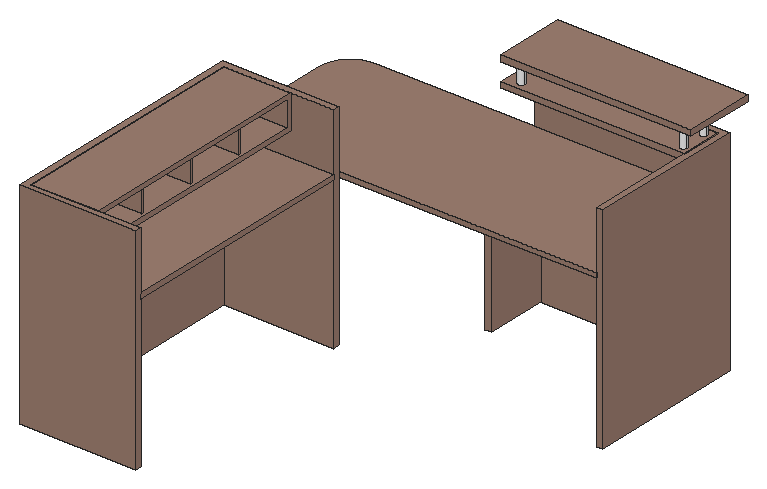
Revit family "T100124", category Furniture, Revit 2018
Family settings
  OmniClass Number = 23.40.20.00
  OmniClass Title = General Furniture and Specialties
  Work Plane-Based = No
  Always vertical = Yes
  Cut with Voids When Loaded = No
  Shared = No
  Room Calculation Point = No
Reference planes (in)
  plane 1 "Center Front/Back": y = 0
  plane 2: z = 0
  plane 3 "Center Left/Right": x = 0
Dimensions and locks (in)
  aligned and locked: level to plane 2
Nested families (in)
  nested 1: "OFS ELEMENT OPEN L DESK LEFT AND RIGHT 72in Width 48in Return" at (0, 0, 0), type "ELEMENT OPEN L DESK LEFT RETURN 72in Width 48in Return"
    with Right Desk Ovelay no, Left Desk Overlay yes, Desk Overlay Option yes
Definition of nested family "OFS ELEMENT OPEN L DESK LEFT AND RIGHT 72in Width 48in Return"
  Parameters (values of type "ELEMENT OPEN L DESK RIGHT RETURN 72in Width 48in Return")
    Worksurface Material = none
    Width = 6' - 0"
    URL = "http://www.ofsbrands.com/"
    Transaction Shelf Material = none
    Table Supp from Lateral = 0' - 2 5/8"
    Table Supp from Center = 0' - 11 1/8"
    Table Depth = 1' - 1 1/2"
    Right Return Desk Option = yes
    Right Desk Ovelay [instance] = and(Right Return Desk Option, Desk Overlay Option)  # yes
    Return Worksurface Width = 1' - 10"
    Paper Organizer Material = none
    Paper Organizer Depth = 1' - 0 3/4"
    Paper Organizer Clearance = 0' - 4 5/8"
    Paper Organizer Board Thickness = 0' - 0 3/4"
    Model = "EL-T72RL48C"
    Manufacturer = "OFS"
    Left Return Desk Option = no
    Left Desk Overlay [instance] = and(Left Return Desk Option, Desk Overlay Option)  # no
    Lateral Board Thickness = 0' - 1 3/16"
    Height = 3' - 9"
    Standoffs Material = none
    Groomet Material = none
    Desk Overlay Thickness = 0' - 0 1/8"
    Desk Overlay Option [instance] = yes
    Desk Overlay Material = none
    Desk Overlay = 0' - 6 1/2"
    Description = "OFS BRANDS OFS ELEMENT OPEN L DESK RIGHT RETURN 72\" Width, 72\"W x 34.3125\"D DESK, 48\"W x 22\"D RETURN With Paper Organizer"
    Desk Depth = 2' - 10 5/16"
    Depth = 6' - 10 5/16"
    Copyright © = "© 2018 OFS BRANDS"
    Catalog = "http://ofs.com/products/casegoods/reception/element"
    Bottom Board Offset = 0' - 0"
    Chassis Material = none
    Base Depth = 2' - 6"
    Back Board Thickness = 0' - 1 3/16"
    Authoring Version = "Autodesk Revit Architecture 2013"
    Assembly Code = "E2020200"
  Types (3): name | Right Return Desk Option | Right Desk Ovelay | Model | Left Return Desk Option | Left Desk Overlay | Description
    (no name) | yes | yes | "EL-T72RL48C" | no | no | "OFS BRANDS OFS ELEMENT OPEN L DESK RIGHT RETURN 72\" Width, 72\"W x 34.3125\"D DESK, 48\"W x 22\"D RETURN With Paper Organizer"
    ELEMENT OPEN L DESK LEFT RETURN 72in Width 48in Return | no | no | "EL-T72LL48C" | yes | yes | "OFS BRANDS OFS ELEMENT OPEN L DESK LEFT RETURN 72\" Width, 72\"W x 34.3125\"D DESK, 48\"W x 22\"D RETURN With Paper Organizer"
    ELEMENT OPEN L DESK RIGHT RETURN 72in Width 48in Return | yes | yes | "EL-T72RL48C" | no | no | "OFS BRANDS OFS ELEMENT OPEN L DESK RIGHT RETURN 72\" Width, 72\"W x 34.3125\"D DESK, 48\"W x 22\"D RETURN With Paper Organizer"
  Reference planes (in)
    plane 1 "Center Front/Back": y = 0
    plane 2: z = 0
    plane 3 "Center Left/Right": x = 0
    plane 4 "Back External": y = 17.15625
    plane 5 "Right External": x = 36
    plane 6 "Front External": y = -17.15625
    plane 7 "Left External": x = -36
    plane 8 "Seat Height": z = 29.5
    plane 9 "Height": z = 45
    plane 10: x = 34.8125
    plane 11: x = -34.8125
    plane 12: y = 12.84375
    plane 13: y = 11.65625
    plane 14: y = 3.65625
    plane 15: z = 40.5
    plane 16: z = 28.5
    plane 17: z = 43.875
    plane 18: z = 39.375
    plane 19: z = 0
    plane 20: x = 33.375
    plane 21: x = 2.625
    plane 22: x = 29.5
    plane 23: z = 6.5
    plane 24: z = 34
    plane 25: y = 12.96875
    plane 26: y = -65.15625
    plane 27: x = -14
    plane 28: x = 14
    plane 29: y = -63.96875
    plane 30: x = -31
    plane 31: x = 31
    plane 32: y = -41.15625
    plane 33: x = 6.5
    plane 34: y = -18.34375
    plane 35: y = -63.21875
    plane 36: x = -34.0625
    plane 37: y = -19.09375
    plane 38: x = -22.0625
    plane 39: z = 34.125
    plane 40: z = 39.75
    plane 41: z = 34.875
    plane 42: y = -52.5625
    plane 43: y = -29.75
    plane 44: x = -22.8125
    plane 45: x = 14
    plane 46: x = 31
    plane 47: y = -19.09375
    plane 48: x = 22.0625
    plane 49: y = -55.5625
    plane 50: y = -32.75
    plane 51: x = 22.8125
    plane 52: x = -33.375
    plane 53: x = -2.625
    plane 54: x = -29.5
    plane 55: x = -6.5
  Forms (in)
    Extrusion 1, solid, material <- "Chassis Material", visible <- "Left Return Desk Option"
      sketch origin (0, 0, 0) x (1, 0, 0) y (0, 1, 0)
        loop
          line (36, 12.84375) -> (0, 12.84375) -> (0, 11.65625) -> (34.8125, 11.65625) -> (34.8125, -17.15625) -> (36, -17.15625) -> (36, 12.84375)
      from 0 to 40.5
    Extrusion 2, solid, material <- "Chassis Material", visible <- "Left Return Desk Option"
      sketch origin (0, 0, 6) x (1, 0, 0) y (0, 1, 0)
        loop
          line (0, 11.65625) -> (0, 3.65625) -> (34.8125, 3.65625) -> (34.8125, 11.65625) -> (0, 11.65625)
      from 33.375 to 34.5
    Extrusion 3, solid, material <- "Transaction Shelf Material", visible <- "Left Return Desk Option"
      sketch origin (0, 0, 6) x (1, 0, 0) y (0, 1, 0)
        loop
          line (0, 17.15625) -> (0, 3.65625) -> (36, 3.65625) -> (36, 17.15625) -> (0, 17.15625)
      from 37.875 to 39
    Extrusion 4, solid, material <- "Standoffs Material", visible <- "Left Return Desk Option"
      sketch origin (44.5, 0, 0) x (1, 0, 0) y (0, 1, 0)
        loop
          circle (-41.875, 10.04085) r 0.625
      from 40.5 to 43.875
    Extrusion 5, solid, material <- "Standoffs Material", visible <- "Left Return Desk Option"
      sketch origin (44.5, -4.75, 0) x (1, 0, 0) y (0, 1, 0)
        loop
          circle (-41.875, 10.04085) r 0.625
      from 40.5 to 43.875
    Extrusion 6, solid, material <- "Standoffs Material", visible <- "Left Return Desk Option"
      sketch origin (66.75, 0, 0) x (1, 0, 0) y (0, 1, 0)
        loop
          circle (-33.375, 10.04085) r 0.625
      from 40.5 to 43.875
    Extrusion 7, solid, material <- "Standoffs Material", visible <- "Left Return Desk Option"
      sketch origin (66.75, -4.75, 0) x (1, 0, 0) y (0, 1, 0)
        loop
          circle (-33.375, 10.04085) r 0.625
      from 40.5 to 43.875
    Extrusion 8, solid, material <- "Chassis Material", visible <- "Left Return Desk Option"
      sketch origin (0, 0, 0) x (1, 0, 0) y (0, 1, 0)
        loop
          line (-36, -17.15625) -> (-36, -65.15625) -> (-14, -65.15625) -> (-14, -63.96875) -> (-34.8125, -63.96875) -> (-34.8125, -18.34375) -> (-14, -18.34375) -> (-14, -17.15625) -> (-36, -17.15625)
      from 0 to 40.5
    Extrusion 9, solid, material <- "Worksurface Material", visible <- "Left Return Desk Option"
      sketch origin (14.83926, -32.43958, 0) x (1, 0, 0) y (0, 1, 0)
        loop
          line (-49.65176, 14.09583) -> (-49.65176, -31.52917) -> (-28.83926, -31.52917) -> (-28.83926, 14.09583) -> (-49.65176, 14.09583)
      from 28.5 to 29.5
    Extrusion 10, solid, material <- "Desk Overlay Material", visible <- "Left Desk Overlay"
      sketch origin (0, 0, 0) x (1, 0, 0) y (0, 0, 1)
        loop
          line (29.5, 34) -> (6.5, 34) -> (6.5, 6.5) -> (29.5, 6.5) -> (29.5, 34)
      from -12.96875 to -12.84375
    Extrusion 11, solid, material <- "Chassis Material", visible <- "Left Return Desk Option"
      sketch origin (-18.5848, -3.95032, 0) x (1, 0, 0) y (0, 1, 0)
        loop
          line (19.7723, 15.60657) -> (18.5848, 15.60657) -> (18.5848, 3.95032) -> (19.7723, 3.95032) -> (19.7723, 15.60657)
      from 0 to 28.5
    Extrusion 12, solid, material <- "Paper Organizer Material", visible <- "Left Return Desk Option"
      sketch origin (0, 0, 0) x (1, 0, 0) y (0, 1, 0)
        loop
          line (-22.0625, -19.09375) -> (-22.0625, -18.34375) -> (-34.8125, -18.34375) -> (-34.8125, -63.96875) -> (-22.0625, -63.96875) -> (-22.0625, -63.21875) -> (-34.0625, -63.21875) -> (-34.0625, -19.09375) -> (-22.0625, -19.09375)
      from 34.125 to 40.5
    Extrusion 13, solid, material <- "Paper Organizer Material", visible <- "Left Return Desk Option"
      sketch origin (0, 0, 0) x (1, 0, 0) y (0, 1, 0)
        loop
          line (-34.8125, -18.34375) -> (-34.8125, -63.96875) -> (-22.0625, -63.96875) -> (-22.0625, -18.34375) -> (-34.8125, -18.34375)
      from 39.75 to 40.5
    Extrusion 14, solid, material <- "Paper Organizer Material", visible <- "Left Return Desk Option"
      sketch origin (0, 0, 0) x (1, 0, 0) y (0, 1, 0)
        loop
          line (-34.8125, -18.34375) -> (-34.8125, -63.96875) -> (-22.0625, -63.96875) -> (-22.0625, -18.34375) -> (-34.8125, -18.34375)
      from 34.125 to 34.875
    Extrusion 15, solid, material <- "Paper Organizer Material", visible <- "Left Return Desk Option"
      sketch origin (0, 0, 0) x (1, 0, 0) y (0, 1, 0)
        loop
          line (-34.0625, -29.625) -> (-34.0625, -29.875) -> (-22.8125, -29.875) -> (-22.8125, -29.625) -> (-34.0625, -29.625)
      from 34.875 to 39.75
    Extrusion 16, solid, material <- "Paper Organizer Material", visible <- "Left Return Desk Option"
      sketch origin (0, -11.40625, 0) x (1, 0, 0) y (0, 1, 0)
        loop
          line (-34.0625, -29.625) -> (-34.0625, -29.875) -> (-22.8125, -29.875) -> (-22.8125, -29.625) -> (-34.0625, -29.625)
      from 34.875 to 39.75
    Extrusion 17, solid, material <- "Paper Organizer Material", visible <- "Left Return Desk Option"
      sketch origin (0, -22.8125, 0) x (1, 0, 0) y (0, 1, 0)
        loop
          line (-34.0625, -29.625) -> (-34.0625, -29.875) -> (-22.8125, -29.875) -> (-22.8125, -29.625) -> (-34.0625, -29.625)
      from 34.875 to 39.75
    Extrusion 18, solid, material <- "Chassis Material", visible <- "Right Return Desk Option"
      sketch origin (0, 0, 0) x (-1, 0, 0) y (0, -1, 0)
        loop
          line (-36, 17.15625) -> (-14, 17.15625) -> (-14, 18.34375) -> (-34.8125, 18.34375) -> (-34.8125, 63.96875) -> (-14, 63.96875) -> (-14, 65.15625) -> (-36, 65.15625) -> (-36, 17.15625)
      from 0 to 40.5
    Extrusion 19, solid, material <- "Worksurface Material", visible <- "Right Return Desk Option"
      sketch origin (-14.83926, -32.43958, 0) x (-1, 0, 0) y (0, -1, 0)
        loop
          line (-49.65176, -14.09583) -> (-28.83926, -14.09583) -> (-28.83926, 31.52917) -> (-49.65176, 31.52917) -> (-49.65176, -14.09583)
      from 28.5 to 29.5
    Extrusion 20, solid, material <- "Paper Organizer Material", visible <- "Right Return Desk Option"
      sketch origin (0, 0, 0) x (-1, 0, 0) y (0, -1, 0)
        loop
          line (-22.0625, 19.09375) -> (-34.0625, 19.09375) -> (-34.0625, 63.21875) -> (-22.0625, 63.21875) -> (-22.0625, 63.96875) -> (-34.8125, 63.96875) -> (-34.8125, 18.34375) -> (-22.0625, 18.34375) -> (-22.0625, 19.09375)
      from 34.125 to 40.5
    Extrusion 21, solid, material <- "Paper Organizer Material", visible <- "Right Return Desk Option"
      sketch origin (0, 0, 0) x (-1, 0, 0) y (0, -1, 0)
        loop
          line (-34.8125, 18.34375) -> (-22.0625, 18.34375) -> (-22.0625, 63.96875) -> (-34.8125, 63.96875) -> (-34.8125, 18.34375)
      from 39.75 to 40.5
    Extrusion 22, solid, material <- "Paper Organizer Material", visible <- "Right Return Desk Option"
      sketch origin (0, 0, 0) x (-1, 0, 0) y (0, -1, 0)
        loop
          line (-34.8125, 18.34375) -> (-22.0625, 18.34375) -> (-22.0625, 63.96875) -> (-34.8125, 63.96875) -> (-34.8125, 18.34375)
      from 34.125 to 34.875
    Extrusion 23, solid, material <- "Paper Organizer Material", visible <- "Right Return Desk Option"
      sketch origin (0, 0, 0) x (-1, 0, 0) y (0, -1, 0)
        loop
          line (-34.0625, 29.625) -> (-22.8125, 29.625) -> (-22.8125, 29.875) -> (-34.0625, 29.875) -> (-34.0625, 29.625)
      from 34.875 to 39.75
    Extrusion 24, solid, material <- "Paper Organizer Material", visible <- "Right Return Desk Option"
      sketch origin (0, -11.40625, 0) x (-1, 0, 0) y (0, -1, 0)
        loop
          line (-34.0625, 29.625) -> (-22.8125, 29.625) -> (-22.8125, 29.875) -> (-34.0625, 29.875) -> (-34.0625, 29.625)
      from 34.875 to 39.75
    Extrusion 25, solid, material <- "Paper Organizer Material", visible <- "Right Return Desk Option"
      sketch origin (0, -22.8125, 0) x (-1, 0, 0) y (0, -1, 0)
        loop
          line (-34.0625, 29.625) -> (-22.8125, 29.625) -> (-22.8125, 29.875) -> (-34.0625, 29.875) -> (-34.0625, 29.625)
      from 34.875 to 39.75
    Extrusion 26, solid, material <- "Worksurface Material", visible <- "Right Return Desk Option"
      sketch origin (0, 0, 0) x (-1, 0, 0) y (0, -1, 0)
        loop
          line (-30, -11.65625) -> (34.8125, -11.65625) -> (34.8125, 17.15625) -> (-36, 17.15625) -> (-36, -5.65625)
          arc (-36, -5.65625) -> (-34.24264, -9.89889) -> (-30, -11.65625) r 6
      from 28.5 to 29.5
    Extrusion 27, solid, material <- "Chassis Material", visible <- "Right Return Desk Option"
      sketch origin (0, 0, 0) x (-1, 0, 0) y (0, -1, 0)
        loop
          line (36, -12.84375) -> (36, 17.15625) -> (34.8125, 17.15625) -> (34.8125, -11.65625) -> (0, -11.65625) -> (0, -12.84375) -> (36, -12.84375)
      from 0 to 40.5
    Extrusion 28, solid, material <- "Transaction Shelf Material", visible <- "Right Return Desk Option"
      sketch origin (0, 0, 6) x (-1, 0, 0) y (0, -1, 0)
        loop
          line (0, -17.15625) -> (36, -17.15625) -> (36, -3.65625) -> (0, -3.65625) -> (0, -17.15625)
      from 37.875 to 39
    Extrusion 29, solid, material <- "Standoffs Material", visible <- "Right Return Desk Option"
      sketch origin (-44.5, 0, 0) x (-1, 0, 0) y (0, -1, 0)
        loop
          circle (-41.875, -10.04085) r 0.625
      from 40.5 to 43.875
    Extrusion 30, solid, material <- "Standoffs Material", visible <- "Right Return Desk Option"
      sketch origin (-44.5, -4.75, 0) x (-1, 0, 0) y (0, -1, 0)
        loop
          circle (-41.875, -10.04085) r 0.625
      from 40.5 to 43.875
    Extrusion 31, solid, material <- "Standoffs Material", visible <- "Right Return Desk Option"
      sketch origin (-66.75, 0, 0) x (-1, 0, 0) y (0, -1, 0)
        loop
          circle (-33.375, -10.04085) r 0.625
      from 40.5 to 43.875
    Extrusion 32, solid, material <- "Standoffs Material", visible <- "Right Return Desk Option"
      sketch origin (-66.75, -4.75, 0) x (-1, 0, 0) y (0, -1, 0)
        loop
          circle (-33.375, -10.04085) r 0.625
      from 40.5 to 43.875
    Extrusion 33, solid, material <- "Chassis Material", visible <- "Right Return Desk Option"
      sketch origin (18.5848, -3.95032, 0) x (-1, 0, 0) y (0, -1, 0)
        loop
          line (19.7723, -15.60657) -> (19.7723, -3.95032) -> (18.5848, -3.95032) -> (18.5848, -15.60657) -> (19.7723, -15.60657)
      from 0 to 28.5
    Extrusion 34, solid, material <- "Chassis Material", visible <- "Right Return Desk Option"
      sketch origin (0, 0, 6) x (-1, 0, 0) y (0, -1, 0)
        loop
          line (0, -11.65625) -> (34.8125, -11.65625) -> (34.8125, -3.65625) -> (0, -3.65625) -> (0, -11.65625)
      from 33.375 to 34.5
    Extrusion 35, solid, material <- "Desk Overlay Material", visible <- "Right Desk Ovelay"
      sketch origin (0, 0, 0) x (-1, 0, 0) y (0, 0, -1)
        loop
          line (29.5, -34) -> (29.5, -6.5) -> (6.5, -6.5) -> (6.5, -34) -> (29.5, -34)
      from -12.96875 to -12.84375
    Extrusion 36, solid, material <- "Worksurface Material", visible <- "Left Return Desk Option"
      sketch origin (0, 0, 0) x (1, 0, 0) y (0, 1, 0)
        loop
          arc (-30, 11.65625) -> (-34.24264, 9.89889) -> (-36, 5.65625) r 6
          line (-36, 5.65625) -> (-36, -17.15625) -> (34.8125, -17.15625) -> (34.8125, 11.65625) -> (-30, 11.65625)
      from 28.5 to 29.5
  Cuts and joins
    joined: Extrusion 12, Extrusion 13, Extrusion 14
    joined: Extrusion 20, Extrusion 21, Extrusion 22
  Dimensions and locks (in)
    equal spacing: plane 7 "Left External", plane 3 "Center Left/Right", plane 5 "Right External"
    "Width": plane 7 "Left External" to plane 5 "Right External"
    equal spacing: plane 6 "Front External", plane 1 "Center Front/Back", plane 4 "Back External"
    "Desk Depth": plane 4 "Back External" to plane 6 "Front External"
    plane 8 "Seat Height" to level = 2' - 5 1/2"
    "Height": plane 9 "Height" to level
    "Lateral Board Thickness": plane 7 "Left External" to plane 11
    "Lateral Board Thickness": plane 10 to plane 5 "Right External"
    "Base Depth": plane 12 to plane 6 "Front External"
    "Back Board Thickness": plane 12 to plane 13
    "Table Depth": plane 4 "Back External" to plane 14
    plane 15 to level = 3' - 4 1/2"
    "Bottom Board Offset": plane 19 to level
    "Table Supp from Lateral": plane 5 "Right External" to plane 20
    "Table Supp from Lateral": plane 21 to plane 3 "Center Left/Right"
    "Desk Overlay": plane 5 "Right External" to plane 22
    "Desk Overlay": plane 24 to plane 15
    "Desk Overlay": plane 19 to plane 23
    "Desk Overlay Thickness": plane 25 to plane 12
    "Depth": plane 4 "Back External" to plane 26
    "Return Worksurface Width": plane 7 "Left External" to plane 27
    "Return Worksurface Width": plane 28 to plane 5 "Right External"
    "Back Board Thickness": plane 29 to plane 26
    plane 7 "Left External" to plane 30 = 0' - 5"
    plane 31 to plane 5 "Right External" = 0' - 5"
    equal spacing: plane 34, plane 43, plane 32, plane 42, plane 29
    "Desk Overlay": plane 33 to plane 3 "Center Left/Right"
    "Back Board Thickness": plane 6 "Front External" to plane 34
    "Paper Organizer Board Thickness": plane 34 to plane 37
    "Paper Organizer Board Thickness": plane 11 to plane 36
    "Paper Organizer Board Thickness": plane 35 to plane 29
    "Paper Organizer Depth": plane 11 to plane 38
    "Paper Organizer Clearance": plane 39 to plane 8 "Seat Height"
    "Paper Organizer Board Thickness": plane 15 to plane 40
    "Paper Organizer Board Thickness": plane 41 to plane 39
    "Paper Organizer Board Thickness": plane 44 to plane 38
    "Return Worksurface Width": plane 5 "Right External" to plane 45
    plane 29 to plane 26 = 0' - 1 3/16"
    plane 5 "Right External" to plane 46 = 0' - 5"
    plane 34 to plane 50 to plane 32 to plane 49 to plane 29 = 1' - 2 13/32", 0' - 8 13/32", 1' - 2 13/32", 0' - 8 13/32"
    "Paper Organizer Board Thickness": plane 34 to plane 47
    plane 35 to plane 29 = 0' - 0 3/4"
    "Paper Organizer Depth": plane 10 to plane 48
    "Paper Organizer Board Thickness": plane 51 to plane 48
    "Table Supp from Lateral": plane 53 to plane 3 "Center Left/Right"
    "Table Supp from Lateral": plane 7 "Left External" to plane 52
    locked: plane 7 "Left External" to plane 54 at 6.5
    aligned and locked: level to plane 2
    aligned and locked: plane 12 to Extrusion 1 sketch curve
    aligned and locked: plane 5 "Right External" to Extrusion 1 sketch curve
    aligned and locked: Extrusion 1 sketch curve to plane 13
    aligned and locked: Extrusion 1 to plane 19
    aligned and locked: Extrusion 2 to plane 18
    aligned and locked: plane 10 to Extrusion 2
    aligned and locked: plane 13 to Extrusion 2
    aligned and locked: Extrusion 2 to plane 14
    aligned and locked: Extrusion 3 to plane 14
    aligned and locked: plane 4 "Back External" to Extrusion 3
    aligned and locked: plane 9 "Height" to Extrusion 3
    aligned and locked: Extrusion 3 to plane 17
    aligned and locked: plane 5 "Right External" to Extrusion 3
    aligned and locked: Extrusion 8 sketch curve to plane 29
    aligned and locked: plane 27 to Extrusion 8 sketch curve
    aligned and locked: plane 26 to Extrusion 8 sketch curve
    aligned and locked: Extrusion 8 sketch curve to plane 6 "Front External"
    aligned and locked: plane 11 to Extrusion 9
    aligned and locked: Extrusion 9 to plane 27
    aligned and locked: Extrusion 9 to plane 29
    aligned and locked: Extrusion 8 to plane 19
    aligned and locked: plane 15 to Extrusion 8
    aligned and locked: Extrusion 3 to plane 3 "Center Left/Right"
    aligned and locked: Extrusion 2 to plane 3 "Center Left/Right"
    aligned and locked: Extrusion 10 to plane 33
    aligned and locked: Extrusion 10 to plane 22
    aligned and locked: Extrusion 8 sketch curve to plane 34
    aligned and locked: Extrusion 9 to Extrusion 8 sketch curve
    aligned and locked: Extrusion 9 to Extrusion 8
    aligned and locked: plane 37 to Extrusion 12 sketch curve
    aligned and locked: plane 36 to Extrusion 12 sketch curve
    aligned and locked: Extrusion 12 sketch curve to plane 35
    aligned and locked: Extrusion 12 sketch curve to Extrusion 8  (x3)
    aligned and locked: plane 38 to Extrusion 12 sketch curve
    aligned and locked: Extrusion 12 sketch curve to plane 38
    aligned and locked: plane 15 to Extrusion 12
    aligned and locked: Extrusion 12 to plane 39
    aligned and locked: Extrusion 13 sketch curve to Extrusion 8  (x2)
    aligned and locked: Extrusion 13 sketch curve to Extrusion 12  (x2)
    aligned and locked: Extrusion 13 to plane 40
    aligned and locked: plane 15 to Extrusion 13
    aligned and locked: Extrusion 14 sketch curve to Extrusion 8  (x2)
    aligned and locked: plane 29 to Extrusion 14 sketch curve
    aligned and locked: Extrusion 14 sketch curve to plane 38
    aligned and locked: Extrusion 14 to plane 39
    aligned and locked: Extrusion 14 to plane 41
    aligned and locked: Extrusion 15 to plane 41
    aligned and locked: Extrusion 16 to plane 41
    aligned and locked: Extrusion 17 to plane 41
    aligned and locked: plane 40 to Extrusion 15
    aligned and locked: plane 40 to Extrusion 16
    aligned and locked: plane 40 to Extrusion 17
    aligned and locked: plane 29 to Extrusion 18 sketch curve
    aligned and locked: plane 45 to Extrusion 18 sketch curve
    aligned and locked: Extrusion 18 sketch curve to plane 26
    aligned and locked: plane 45 to Extrusion 19
    aligned and locked: plane 29 to Extrusion 19
    aligned and locked: plane 34 to Extrusion 18 sketch curve
    aligned and locked: Extrusion 19 to Extrusion 18 sketch curve
    aligned and locked: Extrusion 18 to Extrusion 19
    aligned and locked: Extrusion 20 sketch curve to plane 47
    aligned and locked: plane 35 to Extrusion 20 sketch curve
    aligned and locked: Extrusion 18 to Extrusion 20 sketch curve
    aligned and locked: Extrusion 20 sketch curve to Extrusion 18  (x2)
    aligned and locked: Extrusion 20 sketch curve to plane 48
    aligned and locked: plane 48 to Extrusion 20 sketch curve
    aligned and locked: Extrusion 21 sketch curve to Extrusion 18  (x2)
    aligned and locked: Extrusion 21 sketch curve to Extrusion 20  (x2)
    aligned and locked: Extrusion 22 sketch curve to Extrusion 18  (x2)
    aligned and locked: Extrusion 22 sketch curve to plane 29
    aligned and locked: plane 48 to Extrusion 22 sketch curve
    aligned and locked: Extrusion 26 to Extrusion 27 sketch curve
    aligned and locked: Extrusion 27 sketch curve to Extrusion 26
    aligned and locked: Extrusion 26 to Extrusion 33
    aligned and locked: plane 55 to Extrusion 35
    aligned and locked: plane 54 to Extrusion 35
  Automatic sketch dimensions
    Extrusion 1 sketch curve to plane 3 "Center Left/Right" = 0' - 0"
    plane 6 "Front External" to Extrusion 1 sketch curve = 0' - 0"
    Extrusion 1 sketch curve to plane 10 = 0' - 0"
    Extrusion 2 sketch curve to plane 3 "Center Left/Right" = 0' - 0"
    Extrusion 2 sketch curve to plane 10 = 0' - 0"
    Extrusion 2 sketch curve to plane 14 = 0' - 0"
    Extrusion 2 sketch curve to plane 13 = 0' - 0"
    Extrusion 3 sketch curve to plane 3 "Center Left/Right" = 0' - 0"
    Extrusion 3 sketch curve to plane 5 "Right External" = 0' - 0"
    Extrusion 3 sketch curve to plane 14 = 0' - 0"
    Extrusion 3 sketch curve to plane 4 "Back External" = 0' - 0"
    Extrusion 4 sketch curve to plane 21 = 0' - 0"
    Extrusion 4 sketch curve to plane 13 = 0' - 1.6154"
    Extrusion 5 sketch curve to plane 21 = 0' - 0"
    plane 14 to Extrusion 5 sketch curve = 0' - 1.6346"
    Extrusion 6 sketch curve to plane 20 = 0' - 0"
    Extrusion 6 sketch curve to plane 13 = 0' - 1.6154"
    Extrusion 7 sketch curve to plane 20 = 0' - 0"
    plane 14 to Extrusion 7 sketch curve = 0' - 1.6346"
    Extrusion 8 sketch curve to plane 7 "Left External" = 0' - 0"
    Extrusion 8 sketch curve to plane 11 = 0' - 0"
    Extrusion 9 sketch curve to plane 11 = 0' - 0"
    Extrusion 9 sketch curve to plane 27 = 0' - 0"
    Extrusion 9 sketch curve to plane 29 = 0' - 0"
    Extrusion 9 sketch curve to plane 34 = 0' - 0"
    Extrusion 10 sketch curve to plane 24 = 0' - 0"
    Extrusion 10 sketch curve to plane 33 = 0' - 0"
    plane 22 to Extrusion 10 sketch curve = 0' - 0"
    Extrusion 10 sketch curve to plane 23 = 0' - 0"
    Extrusion 11 sketch curve to plane 3 "Center Left/Right" = 0' - 0"
    plane 1 "Center Front/Back" to Extrusion 11 sketch curve = 0' - 0"
    Extrusion 11 sketch curve to plane 13 = 0' - 0"
    Extrusion 11 sketch curve to Extrusion 11 sketch curve = 0' - 1 3/16"
    Extrusion 12 sketch curve to plane 37 = 0' - 0"
    Extrusion 15 sketch curve to plane 36 = 0' - 0"
    Extrusion 15 sketch curve to plane 44 = 0' - 0"
    Extrusion 15 sketch curve to plane 43 = 0' - 0 1/8"
    plane 43 to Extrusion 15 sketch curve = 0' - 0 1/8"
    Extrusion 16 sketch curve to plane 36 = 0' - 0"
    Extrusion 16 sketch curve to plane 44 = 0' - 0"
    Extrusion 16 sketch curve to plane 32 = 0' - 0 1/8"
    plane 32 to Extrusion 16 sketch curve = 0' - 0 1/8"
    Extrusion 17 sketch curve to plane 36 = 0' - 0"
    Extrusion 17 sketch curve to plane 44 = 0' - 0"
    Extrusion 17 sketch curve to plane 42 = 0' - 0 1/8"
    plane 42 to Extrusion 17 sketch curve = 0' - 0 1/8"
    Extrusion 18 sketch curve to plane 5 "Right External" = 0' - 0"
    Extrusion 18 sketch curve to plane 10 = 0' - 0"
    Extrusion 18 sketch curve to plane 6 "Front External" = 0' - 0"
    Extrusion 19 sketch curve to plane 10 = 0' - 0"
    Extrusion 19 sketch curve to plane 28 = 0' - 0"
    Extrusion 19 sketch curve to plane 29 = 0' - 0"
    plane 34 to Extrusion 19 sketch curve = 0' - 0"
    plane 37 to Extrusion 20 sketch curve = 0' - 0"
    plane 20 to Extrusion 20 sketch curve = 0' - 0 11/16"
    Extrusion 23 sketch curve to plane 51 = 0' - 0"
    plane 43 to Extrusion 23 sketch curve = 0' - 0 1/8"
    Extrusion 23 sketch curve to plane 43 = 0' - 0 1/8"
    plane 20 to Extrusion 23 sketch curve = 0' - 0 11/16"
    Extrusion 24 sketch curve to plane 51 = 0' - 0"
    plane 32 to Extrusion 24 sketch curve = 0' - 0 1/8"
    Extrusion 24 sketch curve to plane 32 = 0' - 0 1/8"
    plane 20 to Extrusion 24 sketch curve = 0' - 0 11/16"
    Extrusion 25 sketch curve to plane 51 = 0' - 0"
    plane 42 to Extrusion 25 sketch curve = 0' - 0 1/8"
    Extrusion 25 sketch curve to plane 42 = 0' - 0 1/8"
    plane 20 to Extrusion 25 sketch curve = 0' - 0 11/16"
    Extrusion 26 sketch curve to plane 5 "Right External" = 0' - 0"
    Extrusion 26 sketch curve to plane 13 = 0' - 0"
    Extrusion 26 sketch curve to plane 11 = 0' - 0"
    Extrusion 26 sketch curve to plane 6 "Front External" = 0' - 0"
    plane 22 to Extrusion 26 sketch curve = 0' - 0 1/2"
    Extrusion 27 sketch curve to plane 3 "Center Left/Right" = 0' - 0"
    Extrusion 27 sketch curve to plane 7 "Left External" = 0' - 0"
    Extrusion 27 sketch curve to plane 13 = 0' - 0"
    Extrusion 27 sketch curve to plane 12 = 0' - 0"
    Extrusion 28 sketch curve to plane 3 "Center Left/Right" = 0' - 0"
    Extrusion 28 sketch curve to plane 7 "Left External" = 0' - 0"
    Extrusion 28 sketch curve to plane 4 "Back External" = 0' - 0"
    Extrusion 28 sketch curve to plane 14 = 0' - 0"
    Extrusion 29 sketch curve to plane 53 = 0' - 0"
    plane 13 to Extrusion 29 sketch curve = 0' - 1.6154"
    Extrusion 30 sketch curve to plane 53 = 0' - 0"
    Extrusion 30 sketch curve to plane 14 = 0' - 1.6346"
    Extrusion 31 sketch curve to plane 52 = 0' - 0"
    plane 13 to Extrusion 31 sketch curve = 0' - 1.6154"
    Extrusion 32 sketch curve to plane 52 = 0' - 0"
    Extrusion 32 sketch curve to plane 14 = 0' - 1.6346"
    Extrusion 33 sketch curve to plane 3 "Center Left/Right" = 0' - 0"
    plane 1 "Center Front/Back" to Extrusion 33 sketch curve = 0' - 0"
    Extrusion 33 sketch curve to plane 13 = 0' - 0"
    Extrusion 33 sketch curve to Extrusion 33 sketch curve = 0' - 1 3/16"
    Extrusion 34 sketch curve to plane 3 "Center Left/Right" = 0' - 0"
    Extrusion 34 sketch curve to plane 11 = 0' - 0"
    Extrusion 34 sketch curve to plane 13 = 0' - 0"
    Extrusion 34 sketch curve to plane 14 = 0' - 0"
    Extrusion 35 sketch curve to plane 24 = 0' - 0"
    plane 55 to Extrusion 35 sketch curve = 0' - 0"
    Extrusion 35 sketch curve to plane 23 = 0' - 0"
    plane 54 to Extrusion 35 sketch curve = 0' - 0"
    Extrusion 36 sketch curve to plane 7 "Left External" = 0' - 0"
    Extrusion 36 sketch curve to plane 13 = 0' - 0"
    Extrusion 36 sketch curve to plane 10 = 0' - 0"
    plane 6 "Front External" to Extrusion 36 sketch curve = 0' - 0"
    Extrusion 36 sketch curve to plane 54 = 0' - 0 1/2"
    radius of Extrusion 4 sketch curve = 0' - 0 5/8"
    radius of Extrusion 5 sketch curve = 0' - 0 5/8"
    radius of Extrusion 6 sketch curve = 0' - 0 5/8"
    radius of Extrusion 7 sketch curve = 0' - 0 5/8"
    radius of Extrusion 29 sketch curve = 0' - 0 5/8"
    radius of Extrusion 30 sketch curve = 0' - 0 5/8"
    radius of Extrusion 31 sketch curve = 0' - 0 5/8"
    radius of Extrusion 32 sketch curve = 0' - 0 5/8"
